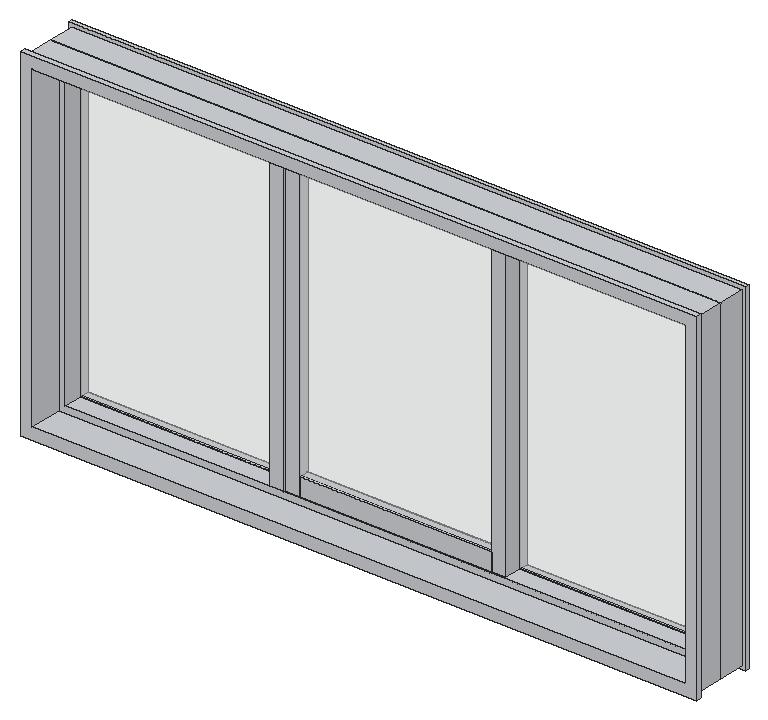
Revit family "APL Residential Thermal Heart Sliding Window FSF", category Windows, host Wall, Revit 2017 (continued)
Definition of nested family "APL Residential Thermal Heart Sliding Window FSF Horizontal Section"
  Definition of nested family "Interlocker"
    Definition of nested family "65500_Interlocker Stile"
      Lines and regions (mm)
        model lines, in view "Ref. Level"
          curve 199: line (-48.615, 42.2, 0) -> (-33.498, 42.2, 0)
          curve 200: line (-32.998, 41.7, 0) -> (-32.998, 35.05, 0)
          curve 201: line (-32.798, 34.85, 0) -> (-26.398, 34.85, 0)
          curve 202: line (-26.198, 34.65, 0) -> (-26.198, 29.353, 0)
          curve 203: line (-26.398, 29.15, 0) -> (-32.798, 29.15, 0)
          curve 204: line (-32.998, 28.95, 0) -> (-32.998, 26.333, 0)
          curve 205: line (-33.266, 25.563, 0) -> (-33.78, 24.153, 0)
          curve 206: line (-33.472, 23.751, 0) -> (-31.106, 23.958, 0)
          curve 207: line (-30.92, 24.045, 0) -> (-30.556, 24.409, 0)
          curve 208: line (-30.646, 24.743, 0) -> (-30.813, 24.788, 0)
          curve 209: line (-30.813, 24.788, 0) -> (-31.487, 26.918, 0)
          curve 210: line (-31.487, 26.918, 0) -> (-31.498, 27.15, 0)
          curve 211: line (-30.75, 27.25, 0) -> (-27.523, 27.25, 0)
          curve 212: line (-27.523, 27.25, 0) -> (-26.748, 27.444, 0)
          curve 213: line (-26.498, 27.25, 0) -> (-26.498, 26.729, 0)
          curve 214: line (-26.498, 26.729, 0) -> (-27.307, 25.319, 0)
          curve 215: line (-27.448, 24.75, 0) -> (-25.098, 24.75, 0)
          curve 216: line (-24.598, 25.25, 0) -> (-24.598, 36.25, 0)
          curve 217: line (-24.798, 36.45, 0) -> (-31.197, 36.45, 0)
          curve 218: arc (-31.197, 36.45, 0) -> (-31.339, 36.508, 0) -> (-31.398, 36.65, 0) r 0.2
          curve 219: arc (-27.398, 12.45, 0) -> (-27.115, 12.567, 0) -> (-26.998, 12.85, 0) r 0.4
          curve 220: arc (-26.998, 13.143, 0) -> (-27.011, 13.246, 0) -> (-27.052, 13.343, 0) r 0.4
          curve 221: arc (-27.936, 14.871, 0) -> (-28.057, 15.161, 0) -> (-28.098, 15.472, 0) r 1.2
          curve 222: arc (-28.098, 16.395, 0) -> (-28.279, 16.968, 0) -> (-28.756, 17.334, 0) r 1
          curve 223: arc (-30.935, 18.127, 0) -> (-31.125, 18.274, 0) -> (-31.198, 18.503, 0) r 0.4
          curve 224: arc (-31.198, 21.197, 0) -> (-31.125, 21.426, 0) -> (-30.935, 21.573, 0) r 0.4
          curve 225: arc (-28.756, 22.366, 0) -> (-28.279, 22.732, 0) -> (-28.098, 23.305, 0) r 1
          curve 226: arc (-28.098, 24.228, 0) -> (-28.057, 24.539, 0) -> (-27.936, 24.829, 0) r 1.2
          curve 227: arc (-27.052, 26.357, 0) -> (-27.011, 26.454, 0) -> (-26.998, 26.557, 0) r 0.4
          curve 228: arc (-26.998, 26.85, 0) -> (-27.115, 27.133, 0) -> (-27.398, 27.25, 0) r 0.4
          curve 229: arc (-30.798, 27.25, 0) -> (-31.081, 27.133, 0) -> (-31.198, 26.85, 0) r 0.4
          curve 230: arc (-31.198, 26.557, 0) -> (-31.184, 26.454, 0) -> (-31.144, 26.357, 0) r 0.4
          curve 231: arc (-30.259, 24.829, 0) -> (-30.138, 24.535, 0) -> (-30.098, 24.22, 0) r 1.2
          curve 232: arc (-30.098, 24.22, 0) -> (-30.151, 24.045, 0) -> (-30.295, 23.934, 0) r 0.3
          curve 233: arc (-32.735, 23.046, 0) -> (-32.925, 22.899, 0) -> (-32.998, 22.67, 0) r 0.4
          curve 234: arc (-32.998, 17.03, 0) -> (-32.925, 16.801, 0) -> (-32.735, 16.654, 0) r 0.4
          curve 235: arc (-30.295, 15.766, 0) -> (-30.151, 15.655, 0) -> (-30.098, 15.48, 0) r 0.3
          curve 236: arc (-30.098, 15.48, 0) -> (-30.138, 15.165, 0) -> (-30.259, 14.871, 0) r 1.2
          curve 237: arc (-31.144, 13.343, 0) -> (-31.184, 13.246, 0) -> (-31.198, 13.143, 0) r 0.4
          curve 238: arc (-31.198, 12.85, 0) -> (-31.081, 12.567, 0) -> (-30.798, 12.45, 0) r 0.4
          curve 239: line (-26.998, 12.85, 0) -> (-26.998, 13.143, 0)
          curve 240: line (-27.052, 13.343, 0) -> (-27.936, 14.871, 0)
          curve 241: line (-28.098, 15.472, 0) -> (-28.098, 16.395, 0)
          curve 242: line (-28.756, 17.334, 0) -> (-30.935, 18.127, 0)
          curve 243: line (-31.198, 18.503, 0) -> (-31.198, 21.197, 0)
          curve 244: line (-30.935, 21.573, 0) -> (-28.756, 22.366, 0)
          curve 245: line (-28.098, 23.305, 0) -> (-28.098, 24.228, 0)
          curve 246: line (-27.936, 24.829, 0) -> (-27.052, 26.357, 0)
          curve 247: line (-26.998, 26.557, 0) -> (-26.998, 26.85, 0)
          curve 248: line (-27.398, 27.25, 0) -> (-30.798, 27.25, 0)
          curve 249: line (-31.198, 26.85, 0) -> (-31.198, 26.557, 0)
          curve 250: line (-31.144, 26.357, 0) -> (-30.259, 24.829, 0)
          curve 251: line (-30.295, 23.934, 0) -> (-32.735, 23.046, 0)
          curve 252: line (-32.998, 22.67, 0) -> (-32.998, 17.03, 0)
          curve 253: line (-32.735, 16.654, 0) -> (-30.295, 15.766, 0)
          curve 254: line (-30.259, 14.871, 0) -> (-31.144, 13.343, 0)
          curve 255: line (-31.198, 13.143, 0) -> (-31.198, 12.85, 0)
          curve 256: line (-30.798, 12.45, 0) -> (-27.398, 12.45, 0)
          curve 257: arc (-16.7, 4.122, 0) -> (-16.583, 3.839, 0) -> (-16.3, 3.722, 0) r 0.4
          curve 258: arc (-16.007, 3.722, 0) -> (-15.904, 3.736, 0) -> (-15.807, 3.776, 0) r 0.4
          curve 259: arc (-14.279, 4.66, 0) -> (-13.989, 4.781, 0) -> (-13.678, 4.822, 0) r 1.2
          curve 260: arc (-12.755, 4.822, 0) -> (-12.182, 5.003, 0) -> (-11.816, 5.48, 0) r 1
          curve 261: arc (-11.023, 7.659, 0) -> (-10.876, 7.849, 0) -> (-10.647, 7.922, 0) r 0.4
          curve 262: arc (-7.953, 7.922, 0) -> (-7.724, 7.849, 0) -> (-7.577, 7.659, 0) r 0.4
          curve 263: arc (-6.784, 5.48, 0) -> (-6.418, 5.003, 0) -> (-5.845, 4.822, 0) r 1
          curve 264: arc (-4.922, 4.822, 0) -> (-4.611, 4.781, 0) -> (-4.321, 4.66, 0) r 1.2
          curve 265: arc (-2.793, 3.776, 0) -> (-2.696, 3.736, 0) -> (-2.593, 3.722, 0) r 0.4
          curve 266: arc (-2.3, 3.722, 0) -> (-2.017, 3.839, 0) -> (-1.9, 4.122, 0) r 0.4
          curve 267: arc (-1.9, 7.522, 0) -> (-2.017, 7.805, 0) -> (-2.3, 7.922, 0) r 0.4
          curve 268: arc (-2.593, 7.922, 0) -> (-2.696, 7.908, 0) -> (-2.793, 7.868, 0) r 0.4
          curve 269: arc (-4.321, 6.983, 0) -> (-4.615, 6.862, 0) -> (-4.93, 6.822, 0) r 1.2
          curve 270: arc (-4.93, 6.822, 0) -> (-5.105, 6.875, 0) -> (-5.216, 7.019, 0) r 0.3
          curve 271: arc (-6.104, 9.459, 0) -> (-6.251, 9.649, 0) -> (-6.48, 9.722, 0) r 0.4
          curve 272: arc (-12.12, 9.722, 0) -> (-12.349, 9.649, 0) -> (-12.496, 9.459, 0) r 0.4
          curve 273: arc (-13.384, 7.019, 0) -> (-13.495, 6.875, 0) -> (-13.67, 6.822, 0) r 0.3
          curve 274: arc (-13.67, 6.822, 0) -> (-13.985, 6.862, 0) -> (-14.279, 6.983, 0) r 1.2
          curve 275: arc (-15.807, 7.868, 0) -> (-15.904, 7.908, 0) -> (-16.007, 7.922, 0) r 0.4
          curve 276: arc (-16.3, 7.922, 0) -> (-16.583, 7.805, 0) -> (-16.7, 7.522, 0) r 0.4
          curve 277: line (-16.3, 3.722, 0) -> (-16.007, 3.722, 0)
          curve 278: line (-15.807, 3.776, 0) -> (-14.279, 4.66, 0)
          curve 279: line (-13.678, 4.822, 0) -> (-12.755, 4.822, 0)
          curve 280: line (-11.816, 5.48, 0) -> (-11.023, 7.659, 0)
          curve 281: line (-10.647, 7.922, 0) -> (-7.953, 7.922, 0)
          curve 282: line (-7.577, 7.659, 0) -> (-6.784, 5.48, 0)
          curve 283: line (-5.845, 4.822, 0) -> (-4.922, 4.822, 0)
          curve 284: line (-4.321, 4.66, 0) -> (-2.793, 3.776, 0)
          curve 285: line (-2.593, 3.722, 0) -> (-2.3, 3.722, 0)
          curve 286: line (-1.9, 4.122, 0) -> (-1.9, 7.522, 0)
          curve 287: line (-2.3, 7.922, 0) -> (-2.593, 7.922, 0)
          curve 288: line (-2.793, 7.868, 0) -> (-4.321, 6.983, 0)
          curve 289: line (-5.216, 7.019, 0) -> (-6.104, 9.459, 0)
          curve 290: line (-6.48, 9.722, 0) -> (-12.12, 9.722, 0)
          curve 291: line (-12.496, 9.459, 0) -> (-13.384, 7.019, 0)
          curve 292: line (-14.279, 6.983, 0) -> (-15.807, 7.868, 0)
          curve 293: line (-16.007, 7.922, 0) -> (-16.3, 7.922, 0)
          curve 294: line (-16.7, 7.522, 0) -> (-16.7, 4.122, 0)
      Text (mm)
        text "65500" at (-34.845, 58.95, 0), in view "Ref. Level"
    Definition of nested family "65420_Interlocker Mullion"
      Reference planes
        plane 1 "Center (Front/Back)": y = 0
        plane 2: z = 0
        plane 3 "Center (Left/Right)": x = 0
      Lines and regions (mm)
        model lines, in view "Ref. Level"
          curve 1: arc (-24.6, 25.5, 0) -> (-24.746, 25.146, 0) -> (-25.1, 25, 0) r 0.5
          curve 2: arc (-27.45, 25, 0) -> (-27.668, 25.128, 0) -> (-27.663, 25.38, 0) r 0.25
          curve 3: arc (-27.611, 25.466, 0) -> (-27.479, 25.572, 0) -> (-27.309, 25.569, 0) r 0.25
          curve 4: arc (-26.544, 26.823, 0) -> (-26.511, 26.898, 0) -> (-26.5, 26.979, 0) r 0.3
          curve 5: arc (-26.5, 27.5, 0) -> (-26.578, 27.658, 0) -> (-26.75, 27.694, 0) r 0.2
          curve 6: arc (-30.753, 27.5, 0) -> (-30.875, 27.526, 0) -> (-30.976, 27.6, 0) r 0.3
          curve 7: arc (-30.976, 27.6, 0) -> (-31.307, 27.68, 0) -> (-31.5, 27.4, 0) r 0.3
          curve 8: arc (-30.957, 25.179, 0) -> (-30.905, 25.09, 0) -> (-30.816, 25.038, 0) r 0.2
          curve 9: arc (-30.648, 24.993, 0) -> (-30.507, 24.852, 0) -> (-30.559, 24.659, 0) r 0.2
          curve 10: arc (-30.922, 24.295, 0) -> (-31.008, 24.235, 0) -> (-31.108, 24.208, 0) r 0.3
          curve 11: arc (-33.474, 24.001, 0) -> (-33.738, 24.117, 0) -> (-33.782, 24.403, 0) r 0.3
          curve 12: arc (-33.268, 25.813, 0) -> (-33.181, 25.939, 0) -> (-33.043, 26.005, 0) r 0.3
          curve 13: arc (-33.043, 26.005, 0) -> (-32.801, 26.278, 0) -> (-33, 26.583, 0) r 0.3
          curve 14: arc (-33, 44.4, 0) -> (-33.059, 44.541, 0) -> (-33.2, 44.6, 0) r 0.2
          curve 15: arc (-44.5, 43.5, 0) -> (-44.793, 42.793, 0) -> (-45.5, 42.5, 0) r 1
          curve 16: arc (-46.25, 42.5, 0) -> (-46.749, 43, 0) -> (-46.25, 43.5, 0) r 0.5
          curve 17: arc (-50.25, 43.5, 0) -> (-49.749, 43, 0) -> (-50.25, 42.5, 0) r 0.5
          curve 18: arc (-51.8, 42.5, 0) -> (-51.941, 42.559, 0) -> (-52, 42.7, 0) r 0.2
          curve 19: arc (-52, 61.948, 0) -> (-51.854, 62.303, 0) -> (-51.5, 62.45, 0) r 0.5
          curve 20: arc (-49.183, 62.45, 0) -> (-48.878, 62.251, 0) -> (-48.605, 62.493, 0) r 0.3
          curve 21: arc (-48.605, 62.493, 0) -> (-48.539, 62.631, 0) -> (-48.413, 62.718, 0) r 0.3
          curve 22: arc (-47.003, 63.232, 0) -> (-46.717, 63.188, 0) -> (-46.601, 62.924, 0) r 0.3
          curve 23: arc (-46.808, 60.558, 0) -> (-46.835, 60.458, 0) -> (-46.895, 60.372, 0) r 0.3
          curve 24: arc (-47.259, 60.009, 0) -> (-47.452, 59.957, 0) -> (-47.593, 60.098, 0) r 0.2
          curve 25: arc (-47.638, 60.266, 0) -> (-47.69, 60.355, 0) -> (-47.779, 60.407, 0) r 0.2
          curve 26: arc (-50, 60.95, 0) -> (-50.28, 60.757, 0) -> (-50.2, 60.426, 0) r 0.3
          curve 27: arc (-50.2, 60.426, 0) -> (-50.126, 60.325, 0) -> (-50.1, 60.203, 0) r 0.3
          curve 28: arc (-50.294, 56.2, 0) -> (-50.258, 56.028, 0) -> (-50.1, 55.95, 0) r 0.2
          curve 29: arc (-49.579, 55.95, 0) -> (-49.498, 55.961, 0) -> (-49.423, 55.994, 0) r 0.3
          curve 30: arc (-48.169, 56.759, 0) -> (-48.172, 56.929, 0) -> (-48.066, 57.061, 0) r 0.25
          curve 31: arc (-47.98, 57.113, 0) -> (-47.728, 57.118, 0) -> (-47.6, 56.9, 0) r 0.25
          curve 32: arc (-47.6, 54.875, 0) -> (-47.626, 54.778, 0) -> (-47.696, 54.705, 0) r 0.2
          curve 33: arc (-50.261, 53.139, 0) -> (-50.436, 52.957, 0) -> (-50.5, 52.712, 0) r 0.5
          curve 34: arc (-50.5, 47, 0) -> (-50.354, 46.646, 0) -> (-50, 46.5, 0) r 0.5
          curve 35: arc (-45.5, 46.5, 0) -> (-44.986, 46.409, 0) -> (-44.533, 46.147, 0) r 1.5
          curve 36: arc (-33.2, 46.1, 0) -> (-31.998, 45.602, 0) -> (-31.5, 44.4, 0) r 1.7
          curve 37: line (-24.6, 27.5, 0) -> (-24.6, 25.5, 0)
          curve 38: line (-25.1, 25, 0) -> (-27.45, 25, 0)
          curve 39: line (-27.309, 25.569, 0) -> (-26.544, 26.823, 0)
          curve 40: line (-26.544, 26.823, 0) -> (-26.5, 27.5, 0)
          curve 41: line (-26.75, 27.694, 0) -> (-27.5, 27.5, 0)
          curve 42: line (-27.475, 27.506, 0) -> (-30.753, 27.5, 0)
          curve 43: line (-31.5, 27.246, 0) -> (-30.957, 25.179, 0)
          curve 44: line (-30.957, 25.179, 0) -> (-30.648, 24.993, 0)
          curve 45: line (-30.559, 24.659, 0) -> (-30.922, 24.295, 0)
          curve 46: line (-31.108, 24.208, 0) -> (-33.474, 24.001, 0)
          curve 47: line (-33.782, 24.403, 0) -> (-33.268, 25.813, 0)
          curve 48: line (-33, 26.583, 0) -> (-33, 33.5, 0)
          curve 49: line (-33, 33.5, 0) -> (-32.6, 33.9, 0)
          curve 50: line (-32.6, 33.9, 0) -> (-33, 34.3, 0)
          curve 51: line (-33, 34.3, 0) -> (-33, 44.4, 0)
          curve 52: line (-33.2, 44.6, 0) -> (-44.5, 44.6, 0)
          curve 53: line (-44.5, 44.6, 0) -> (-44.5, 43.5, 0)
          curve 54: line (-45.5, 42.5, 0) -> (-46.25, 42.5, 0)
          curve 55: line (-46.25, 43.5, 0) -> (-45.5, 43.5, 0)
          curve 56: line (-45.5, 43.5, 0) -> (-45.5, 45, 0)
          curve 57: line (-45.5, 45, 0) -> (-51, 45, 0)
          curve 58: line (-51, 45, 0) -> (-51, 43.5, 0)
          curve 59: line (-51, 43.5, 0) -> (-50.25, 43.5, 0)
          curve 60: line (-50.25, 42.5, 0) -> (-51.8, 42.5, 0)
          curve 61: line (-52, 42.7, 0) -> (-52, 61.948, 0)
          curve 62: line (-51.5, 62.45, 0) -> (-49.183, 62.45, 0)
          curve 63: line (-48.413, 62.718, 0) -> (-47.003, 63.232, 0)
          curve 64: line (-46.601, 62.924, 0) -> (-46.808, 60.558, 0)
          curve 65: line (-46.895, 60.372, 0) -> (-47.259, 60.009, 0)
          curve 66: line (-47.593, 60.098, 0) -> (-47.638, 60.266, 0)
          curve 67: line (-47.638, 60.266, 0) -> (-49.768, 60.94, 0)
          curve 68: line (-49.768, 60.94, 0) -> (-50, 60.95, 0)
          curve 69: line (-50.1, 60.203, 0) -> (-50.1, 56.975, 0)
          curve 70: line (-50.1, 56.975, 0) -> (-50.294, 56.2, 0)
          curve 71: line (-50.1, 55.95, 0) -> (-49.579, 55.95, 0)
          curve 72: line (-49.579, 55.95, 0) -> (-48.169, 56.759, 0)
          curve 73: line (-47.6, 56.9, 0) -> (-47.6, 54.875, 0)
          curve 74: line (-47.696, 54.705, 0) -> (-50.261, 53.139, 0)
          curve 75: line (-50.5, 52.712, 0) -> (-50.5, 47, 0)
          curve 76: line (-50, 46.5, 0) -> (-45.5, 46.5, 0)
          curve 77: line (-44.405, 46.1, 0) -> (-33.2, 46.1, 0)
          curve 78: line (-31.5, 44.4, 0) -> (-31.5, 37.486, 0)
          curve 79: arc (-31.5, 37.486, 0) -> (-31.229, 37.041, 0) -> (-30.71, 37.078, 0) r 0.5
          curve 80: arc (-30.71, 37.078, 0) -> (-28.151, 37.789, 0) -> (-25.73, 36.695, 0) r 3.9
          curve 81: arc (-25.73, 36.695, 0) -> (-25.713, 35.422, 0) -> (-26.985, 35.405, 0) r 0.9
          curve 82: arc (-26.985, 35.405, 0) -> (-28.45, 36, 0) -> (-29.915, 35.405, 0) r 2.1
          curve 83: arc (-29.915, 35.405, 0) -> (-30.077, 35.28, 0) -> (-30.264, 35.194, 0) r 0.9
          curve 84: arc (-30.264, 35.194, 0) -> (-30.436, 35.097, 0) -> (-30.557, 34.94, 0) r 0.5
          curve 85: arc (-30.557, 34.94, 0) -> (-30.8, 33.9, 0) -> (-30.557, 32.86, 0) r 2.35
          curve 86: arc (-30.557, 32.86, 0) -> (-30.436, 32.703, 0) -> (-30.264, 32.606, 0) r 0.5
          curve 87: arc (-30.264, 32.606, 0) -> (-30.077, 32.52, 0) -> (-29.915, 32.395, 0) r 0.9
          curve 88: arc (-29.915, 32.395, 0) -> (-28.45, 31.8, 0) -> (-26.985, 32.395, 0) r 2.1
          curve 89: arc (-26.985, 32.395, 0) -> (-25.713, 32.378, 0) -> (-25.73, 31.105, 0) r 0.9
          curve 90: arc (-25.73, 31.105, 0) -> (-26.113, 30.778, 0) -> (-26.534, 30.503, 0) r 3.9
          curve 91: arc (-26.534, 30.503, 0) -> (-26.781, 29.979, 0) -> (-26.368, 29.574, 0) r 0.5
          curve 92: arc (-26.368, 29.574, 0) -> (-25.102, 28.862, 0) -> (-24.6, 27.5, 0) r 2.1
          curve 93: arc (-35.3, 56.85, 0) -> (-35.417, 56.567, 0) -> (-35.7, 56.45, 0) r 0.4
          curve 94: arc (-35.993, 56.45, 0) -> (-36.096, 56.464, 0) -> (-36.193, 56.504, 0) r 0.4
          curve 95: arc (-37.721, 57.389, 0) -> (-38.011, 57.509, 0) -> (-38.322, 57.55, 0) r 1.2
          curve 96: arc (-39.245, 57.55, 0) -> (-39.818, 57.731, 0) -> (-40.184, 58.208, 0) r 1
          curve 97: arc (-40.977, 60.387, 0) -> (-41.124, 60.578, 0) -> (-41.353, 60.65, 0) r 0.4
          curve 98: arc (-44.047, 60.65, 0) -> (-44.276, 60.578, 0) -> (-44.423, 60.387, 0) r 0.4
          curve 99: arc (-45.216, 58.208, 0) -> (-45.582, 57.731, 0) -> (-46.155, 57.55, 0) r 1
          curve 100: arc (-47.078, 57.55, 0) -> (-47.389, 57.509, 0) -> (-47.679, 57.389, 0) r 1.2
          curve 101: arc (-49.207, 56.504, 0) -> (-49.304, 56.464, 0) -> (-49.407, 56.45, 0) r 0.4
          curve 102: arc (-49.7, 56.45, 0) -> (-49.983, 56.567, 0) -> (-50.1, 56.85, 0) r 0.4
          curve 103: arc (-50.1, 60.25, 0) -> (-49.983, 60.533, 0) -> (-49.7, 60.65, 0) r 0.4
          curve 104: arc (-49.407, 60.65, 0) -> (-49.304, 60.636, 0) -> (-49.207, 60.596, 0) r 0.4
          curve 105: arc (-47.679, 59.711, 0) -> (-47.385, 59.59, 0) -> (-47.07, 59.55, 0) r 1.2
          curve 106: arc (-47.07, 59.55, 0) -> (-46.895, 59.603, 0) -> (-46.784, 59.747, 0) r 0.3
          curve 107: arc (-45.896, 62.187, 0) -> (-45.749, 62.378, 0) -> (-45.52, 62.45, 0) r 0.4
          curve 108: arc (-39.88, 62.45, 0) -> (-39.651, 62.378, 0) -> (-39.504, 62.187, 0) r 0.4
          curve 109: arc (-38.616, 59.747, 0) -> (-38.505, 59.603, 0) -> (-38.33, 59.55, 0) r 0.3
          curve 110: arc (-38.33, 59.55, 0) -> (-38.015, 59.59, 0) -> (-37.721, 59.711, 0) r 1.2
          curve 111: arc (-36.193, 60.596, 0) -> (-36.096, 60.636, 0) -> (-35.993, 60.65, 0) r 0.4
          curve 112: arc (-35.7, 60.65, 0) -> (-35.417, 60.533, 0) -> (-35.3, 60.25, 0) r 0.4
          curve 113: line (-35.7, 56.45, 0) -> (-35.993, 56.45, 0)
          curve 114: line (-36.193, 56.504, 0) -> (-37.721, 57.389, 0)
          curve 115: line (-38.322, 57.55, 0) -> (-39.245, 57.55, 0)
          curve 116: line (-40.184, 58.208, 0) -> (-40.977, 60.387, 0)
          curve 117: line (-41.353, 60.65, 0) -> (-44.047, 60.65, 0)
          curve 118: line (-44.423, 60.387, 0) -> (-45.216, 58.208, 0)
          curve 119: line (-46.155, 57.55, 0) -> (-47.078, 57.55, 0)
          curve 120: line (-47.679, 57.389, 0) -> (-49.207, 56.504, 0)
          curve 121: line (-49.407, 56.45, 0) -> (-49.7, 56.45, 0)
          curve 122: line (-50.1, 56.85, 0) -> (-50.1, 60.25, 0)
          curve 123: line (-49.7, 60.65, 0) -> (-49.407, 60.65, 0)
          curve 124: line (-49.207, 60.596, 0) -> (-47.679, 59.711, 0)
          curve 125: line (-46.784, 59.747, 0) -> (-45.896, 62.187, 0)
          curve 126: line (-45.52, 62.45, 0) -> (-39.88, 62.45, 0)
          curve 127: line (-39.504, 62.187, 0) -> (-38.616, 59.747, 0)
          curve 128: line (-37.721, 59.711, 0) -> (-36.193, 60.596, 0)
          curve 129: line (-35.993, 60.65, 0) -> (-35.7, 60.65, 0)
          curve 130: line (-35.3, 60.25, 0) -> (-35.3, 56.85, 0)
          curve 131: arc (-27.4, 27.5, 0) -> (-27.117, 27.383, 0) -> (-27, 27.1, 0) r 0.4
          curve 132: arc (-27, 26.807, 0) -> (-27.014, 26.704, 0) -> (-27.054, 26.607, 0) r 0.4
          curve 133: arc (-27.939, 25.079, 0) -> (-28.059, 24.789, 0) -> (-28.1, 24.478, 0) r 1.2
          curve 134: arc (-28.1, 23.555, 0) -> (-28.281, 22.982, 0) -> (-28.758, 22.616, 0) r 1
          curve 135: arc (-30.937, 21.823, 0) -> (-31.128, 21.676, 0) -> (-31.2, 21.447, 0) r 0.4
          curve 136: arc (-31.2, 18.753, 0) -> (-31.128, 18.524, 0) -> (-30.937, 18.377, 0) r 0.4
          curve 137: arc (-28.758, 17.584, 0) -> (-28.281, 17.218, 0) -> (-28.1, 16.645, 0) r 1
          curve 138: arc (-28.1, 15.722, 0) -> (-28.059, 15.411, 0) -> (-27.939, 15.121, 0) r 1.2
          curve 139: arc (-27.054, 13.593, 0) -> (-27.014, 13.496, 0) -> (-27, 13.393, 0) r 0.4
          curve 140: arc (-27, 13.1, 0) -> (-27.117, 12.817, 0) -> (-27.4, 12.7, 0) r 0.4
          curve 141: arc (-30.8, 12.7, 0) -> (-31.083, 12.817, 0) -> (-31.2, 13.1, 0) r 0.4
          curve 142: arc (-31.2, 13.393, 0) -> (-31.186, 13.496, 0) -> (-31.146, 13.593, 0) r 0.4
          curve 143: arc (-30.261, 15.121, 0) -> (-30.14, 15.415, 0) -> (-30.1, 15.73, 0) r 1.2
          curve 144: arc (-30.1, 15.73, 0) -> (-30.153, 15.905, 0) -> (-30.297, 16.016, 0) r 0.3
          curve 145: arc (-32.737, 16.904, 0) -> (-32.928, 17.051, 0) -> (-33, 17.28, 0) r 0.4
          curve 146: arc (-33, 22.92, 0) -> (-32.928, 23.149, 0) -> (-32.737, 23.296, 0) r 0.4
          curve 147: arc (-30.297, 24.184, 0) -> (-30.153, 24.295, 0) -> (-30.1, 24.47, 0) r 0.3
          curve 148: arc (-30.1, 24.47, 0) -> (-30.14, 24.785, 0) -> (-30.261, 25.079, 0) r 1.2
          curve 149: arc (-31.146, 26.607, 0) -> (-31.186, 26.704, 0) -> (-31.2, 26.807, 0) r 0.4
          curve 150: arc (-31.2, 27.1, 0) -> (-31.083, 27.383, 0) -> (-30.8, 27.5, 0) r 0.4
          curve 151: line (-27, 27.1, 0) -> (-27, 26.807, 0)
          curve 152: line (-27.054, 26.607, 0) -> (-27.939, 25.079, 0)
          curve 153: line (-28.1, 24.478, 0) -> (-28.1, 23.555, 0)
          curve 154: line (-28.758, 22.616, 0) -> (-30.937, 21.823, 0)
          curve 155: line (-31.2, 21.447, 0) -> (-31.2, 18.753, 0)
          curve 156: line (-30.937, 18.377, 0) -> (-28.758, 17.584, 0)
          curve 157: line (-28.1, 16.645, 0) -> (-28.1, 15.722, 0)
          curve 158: line (-27.939, 15.121, 0) -> (-27.054, 13.593, 0)
          curve 159: line (-27, 13.393, 0) -> (-27, 13.1, 0)
          curve 160: line (-27.4, 12.7, 0) -> (-30.8, 12.7, 0)
          curve 161: line (-31.2, 13.1, 0) -> (-31.2, 13.393, 0)
          curve 162: line (-31.146, 13.593, 0) -> (-30.261, 15.121, 0)
          curve 163: line (-30.297, 16.016, 0) -> (-32.737, 16.904, 0)
          curve 164: line (-33, 17.28, 0) -> (-33, 22.92, 0)
          curve 165: line (-32.737, 23.296, 0) -> (-30.297, 24.184, 0)
          curve 166: line (-30.261, 25.079, 0) -> (-31.146, 26.607, 0)
          curve 167: line (-31.2, 26.807, 0) -> (-31.2, 27.1, 0)
          curve 168: line (-30.8, 27.5, 0) -> (-27.4, 27.5, 0)
          curve 169: arc (-21.001, 10.8, 0) -> (-21.707, 10.507, 0) -> (-22, 9.8, 0) r 1
          curve 170: arc (-22, 3.501, 0) -> (-21.707, 2.793, 0) -> (-21, 2.5, 0) r 1
          curve 171: arc (-2.8, 2.5, 0) -> (-2.093, 2.793, 0) -> (-1.8, 3.5, 0) r 1
          curve 172: arc (-1.8, 9.8, 0) -> (-2.093, 10.507, 0) -> (-2.8, 10.8, 0) r 1
          curve 173: arc (-2.656, 30.548, 0) -> (-2.153, 30.553, 0) -> (-1.9, 30.119, 0) r 0.5
          curve 174: arc (-1.9, 13.7, 0) -> (-2.193, 12.993, 0) -> (-2.9, 12.7, 0) r 1
          curve 175: arc (-24.1, 12.7, 0) -> (-24.454, 12.846, 0) -> (-24.6, 13.2, 0) r 0.5
          curve 176: arc (-24.6, 14.698, 0) -> (-24.746, 15.053, 0) -> (-25.1, 15.2, 0) r 0.5
          curve 177: arc (-27.449, 15.2, 0) -> (-27.668, 15.073, 0) -> (-27.663, 14.82, 0) r 0.25
          curve 178: arc (-27.611, 14.734, 0) -> (-27.479, 14.628, 0) -> (-27.309, 14.631, 0) r 0.25
          curve 179: arc (-26.544, 13.377, 0) -> (-26.511, 13.302, 0) -> (-26.5, 13.221, 0) r 0.3
          curve 180: arc (-26.5, 12.7, 0) -> (-26.578, 12.542, 0) -> (-26.75, 12.506, 0) r 0.2
          curve 181: arc (-30.753, 12.7, 0) -> (-30.875, 12.674, 0) -> (-30.976, 12.6, 0) r 0.3
          curve 182: arc (-30.976, 12.6, 0) -> (-31.307, 12.52, 0) -> (-31.5, 12.8, 0) r 0.3
          curve 183: arc (-30.957, 15.021, 0) -> (-30.905, 15.11, 0) -> (-30.816, 15.162, 0) r 0.2
          curve 184: arc (-30.648, 15.207, 0) -> (-30.507, 15.348, 0) -> (-30.559, 15.541, 0) r 0.2
          curve 185: arc (-30.922, 15.905, 0) -> (-31.008, 15.965, 0) -> (-31.108, 15.992, 0) r 0.3
          curve 186: arc (-33.474, 16.199, 0) -> (-33.738, 16.083, 0) -> (-33.782, 15.797, 0) r 0.3
          curve 187: arc (-33.268, 14.387, 0) -> (-33.181, 14.261, 0) -> (-33.043, 14.195, 0) r 0.3
          curve 188: arc (-33.043, 14.195, 0) -> (-32.801, 13.922, 0) -> (-33, 13.617, 0) r 0.3
          curve 189: arc (-33, 9.5, 0) -> (-32.941, 9.359, 0) -> (-32.8, 9.3, 0) r 0.2
          curve 190: arc (-32.5, 9.3, 0) -> (-32.2, 9.38, 0) -> (-31.98, 9.6, 0) r 0.6
          curve 191: arc (-31.345, 10.7, 0) -> (-31.272, 10.773, 0) -> (-31.172, 10.8, 0) r 0.2
          curve 192: arc (-25, 10.8, 0) -> (-24.293, 10.507, 0) -> (-24, 9.8, 0) r 1
          curve 193: arc (-24, 2.463, 0) -> (-24.286, 1.763, 0) -> (-24.98, 1.463, 0) r 1
          curve 194: arc (-31.935, 1.322, 0) -> (-32.052, 1.357, 0) -> (-32.127, 1.453, 0) r 0.2
          curve 195: arc (-32.127, 1.453, 0) -> (-32.234, 1.621, 0) -> (-32.403, 1.725, 0) r 0.45
          curve 196: arc (-32.403, 1.725, 0) -> (-32.522, 1.729, 0) -> (-32.621, 1.665, 0) r 0.2
          curve 197: arc (-33, 0.2, 0) -> (-32.941, 0.059, 0) -> (-32.8, 0, 0) r 0.2
          curve 198: arc (-0.5, 0, 0) -> (-0.146, 0.146, 0) -> (0, 0.5, 0) r 0.5
          curve 199: arc (0, 70.3, 0) -> (-0.059, 70.441, 0) -> (-0.2, 70.5, 0) r 0.2
          curve 200: arc (-0.8, 70.5, 0) -> (-0.941, 70.441, 0) -> (-1, 70.3, 0) r 0.2
          curve 201: arc (-1, 69.7, 0) -> (-1.059, 69.559, 0) -> (-1.2, 69.5, 0) r 0.2
          curve 202: arc (-8.75, 69.5, 0) -> (-9.25, 69, 0) -> (-8.75, 68.5, 0) r 0.5
          curve 203: arc (-7.85, 68.5, 0) -> (-7.709, 68.441, 0) -> (-7.65, 68.3, 0) r 0.2
          curve 204: arc (-7.65, 67.2, 0) -> (-7.709, 67.059, 0) -> (-7.85, 67, 0) r 0.2
          curve 205: arc (-15.15, 67, 0) -> (-15.291, 67.059, 0) -> (-15.35, 67.2, 0) r 0.2
          curve 206: arc (-15.35, 68.3, 0) -> (-15.291, 68.441, 0) -> (-15.15, 68.5, 0) r 0.2
          curve 207: arc (-14.25, 68.5, 0) -> (-13.75, 69, 0) -> (-14.25, 69.5, 0) r 0.5
          curve 208: arc (-14.85, 69.5, 0) -> (-15.204, 69.646, 0) -> (-15.35, 70, 0) r 0.5
          curve 209: arc (-15.35, 70, 0) -> (-15.496, 70.354, 0) -> (-15.85, 70.5, 0) r 0.5
          curve 210: arc (-30.65, 70.5, 0) -> (-31.399, 69.779, 0) -> (-30.709, 69.002, 0) r 0.75
          curve 211: arc (-20.534, 68.077, 0) -> (-20.403, 68.013, 0) -> (-20.35, 67.877, 0) r 0.2
          curve 212: arc (-20.35, 67.25, 0) -> (-19.85, 66.75, 0) -> (-19.35, 67.25, 0) r 0.5
          curve 213: arc (-19.35, 67.8, 0) -> (-19.291, 67.941, 0) -> (-19.15, 68, 0) r 0.2
          curve 214: arc (-18.05, 68, 0) -> (-17.909, 67.941, 0) -> (-17.85, 67.8, 0) r 0.2
          curve 215: arc (-17.85, 62.7, 0) -> (-17.909, 62.559, 0) -> (-18.05, 62.5, 0) r 0.2
          curve 216: arc (-19.15, 62.5, 0) -> (-19.291, 62.559, 0) -> (-19.35, 62.7, 0) r 0.2
          curve 217: arc (-19.35, 63.25, 0) -> (-19.85, 63.75, 0) -> (-20.35, 63.25, 0) r 0.5
          curve 218: arc (-20.35, 62.65, 0) -> (-20.409, 62.509, 0) -> (-20.55, 62.45, 0) r 0.2
          curve 219: arc (-36.217, 62.45, 0) -> (-36.522, 62.251, 0) -> (-36.795, 62.493, 0) r 0.3
          curve 220: arc (-36.795, 62.493, 0) -> (-36.861, 62.631, 0) -> (-36.987, 62.718, 0) r 0.3
          curve 221: arc (-38.397, 63.232, 0) -> (-38.683, 63.188, 0) -> (-38.799, 62.924, 0) r 0.3
          curve 222: arc (-38.592, 60.558, 0) -> (-38.565, 60.458, 0) -> (-38.505, 60.372, 0) r 0.3
          curve 223: arc (-38.141, 60.009, 0) -> (-37.948, 59.957, 0) -> (-37.807, 60.098, 0) r 0.2
          curve 224: arc (-37.762, 60.266, 0) -> (-37.71, 60.355, 0) -> (-37.621, 60.407, 0) r 0.2
          curve 225: arc (-35.4, 60.95, 0) -> (-35.12, 60.757, 0) -> (-35.2, 60.426, 0) r 0.3
          curve 226: arc (-35.2, 60.426, 0) -> (-35.274, 60.325, 0) -> (-35.3, 60.203, 0) r 0.3
          curve 227: arc (-35.106, 56.2, 0) -> (-35.142, 56.028, 0) -> (-35.3, 55.95, 0) r 0.2
          curve 228: arc (-35.821, 55.95, 0) -> (-35.902, 55.961, 0) -> (-35.977, 55.994, 0) r 0.3
          curve 229: arc (-37.231, 56.759, 0) -> (-37.228, 56.929, 0) -> (-37.334, 57.061, 0) r 0.25
          curve 230: arc (-37.42, 57.113, 0) -> (-37.672, 57.118, 0) -> (-37.8, 56.9, 0) r 0.25
          curve 231: arc (-37.8, 54.875, 0) -> (-37.774, 54.778, 0) -> (-37.704, 54.705, 0) r 0.2
          curve 232: arc (-36.751, 54.123, 0) -> (-36.626, 54.069, 0) -> (-36.491, 54.05, 0) r 0.5
          curve 233: arc (-33.9, 54.05, 0) -> (-33.546, 54.196, 0) -> (-33.4, 54.55, 0) r 0.5
          curve 234: arc (-33.4, 59.15, 0) -> (-33.254, 59.504, 0) -> (-32.9, 59.65, 0) r 0.5
          curve 235: arc (-17.952, 59.65, 0) -> (-16.112, 60.411, 0) -> (-15.35, 62.25, 0) r 2.6
          curve 236: arc (-15.35, 64, 0) -> (-15.291, 64.141, 0) -> (-15.15, 64.2, 0) r 0.2
          curve 237: arc (-7.85, 64.2, 0) -> (-6.162, 64.792, 0) -> (-5.215, 66.309, 0) r 2.7
          curve 238: arc (-5.215, 66.309, 0) -> (-5.04, 66.59, 0) -> (-4.727, 66.7, 0) r 0.5
          curve 239: arc (-2.4, 66.7, 0) -> (-2.046, 66.554, 0) -> (-1.9, 66.2, 0) r 0.5
          curve 240: line (-22, 9.8, 0) -> (-22, 3.501, 0)
          curve 241: line (-21, 2.5, 0) -> (-2.8, 2.5, 0)
          curve 242: line (-1.8, 3.5, 0) -> (-1.8, 9.8, 0)
          curve 243: line (-2.8, 10.8, 0) -> (-21.001, 10.8, 0)
          curve 244: line (-1.9, 30.119, 0) -> (-1.9, 13.7, 0)
          curve 245: line (-2.9, 12.7, 0) -> (-24.1, 12.7, 0)
          curve 246: line (-24.6, 13.2, 0) -> (-24.6, 14.698, 0)
          curve 247: line (-25.1, 15.2, 0) -> (-27.449, 15.2, 0)
          curve 248: line (-27.309, 14.631, 0) -> (-26.544, 13.377, 0)
          curve 249: line (-26.544, 13.377, 0) -> (-26.5, 12.7, 0)
          curve 250: line (-26.75, 12.506, 0) -> (-27.475, 12.694, 0)
          curve 251: line (-27.475, 12.694, 0) -> (-30.753, 12.7, 0)
          curve 252: line (-31.5, 12.954, 0) -> (-30.957, 15.021, 0)
          curve 253: line (-30.957, 15.021, 0) -> (-30.648, 15.207, 0)
          curve 254: line (-30.559, 15.541, 0) -> (-30.922, 15.905, 0)
          curve 255: line (-31.108, 15.992, 0) -> (-33.474, 16.199, 0)
          curve 256: line (-33.782, 15.797, 0) -> (-33.268, 14.387, 0)
          curve 257: line (-33, 13.617, 0) -> (-33, 9.5, 0)
          curve 258: line (-32.8, 9.3, 0) -> (-32.5, 9.3, 0)
          curve 259: line (-31.98, 9.6, 0) -> (-31.345, 10.7, 0)
          curve 260: line (-31.172, 10.8, 0) -> (-25, 10.8, 0)
          curve 261: line (-24, 9.8, 0) -> (-24, 2.463, 0)
          curve 262: line (-24.98, 1.463, 0) -> (-31.935, 1.322, 0)
          curve 263: line (-32.621, 1.665, 0) -> (-32.953, 1.269, 0)
          curve 264: line (-32.953, 1.269, 0) -> (-33, 0.2, 0)
          curve 265: line (-32.8, 0, 0) -> (-0.5, 0, 0)
          curve 266: line (0, 0.5, 0) -> (0, 70.3, 0)
          curve 267: line (-0.2, 70.5, 0) -> (-0.8, 70.5, 0)
          curve 268: line (-1, 70.3, 0) -> (-1, 69.7, 0)
          curve 269: line (-1.2, 69.5, 0) -> (-8.75, 69.5, 0)
          curve 270: line (-8.75, 68.5, 0) -> (-7.85, 68.5, 0)
          curve 271: line (-7.65, 68.3, 0) -> (-7.65, 67.2, 0)
          curve 272: line (-7.85, 67, 0) -> (-15.15, 67, 0)
          curve 273: line (-15.35, 67.2, 0) -> (-15.35, 68.3, 0)
          curve 274: line (-15.15, 68.5, 0) -> (-14.25, 68.5, 0)
          curve 275: line (-14.25, 69.5, 0) -> (-14.85, 69.5, 0)
          curve 276: line (-15.85, 70.5, 0) -> (-30.65, 70.5, 0)
          curve 277: line (-30.709, 69.002, 0) -> (-20.534, 68.077, 0)
          curve 278: line (-20.35, 67.877, 0) -> (-20.35, 67.25, 0)
          curve 279: line (-19.35, 67.25, 0) -> (-19.35, 67.8, 0)
          curve 280: line (-19.15, 68, 0) -> (-18.05, 68, 0)
          curve 281: line (-17.85, 67.8, 0) -> (-17.85, 62.7, 0)
          curve 282: line (-18.05, 62.5, 0) -> (-19.15, 62.5, 0)
          curve 283: line (-19.35, 62.7, 0) -> (-19.35, 63.25, 0)
          curve 284: line (-20.35, 63.25, 0) -> (-20.35, 62.65, 0)
          curve 285: line (-20.55, 62.45, 0) -> (-36.217, 62.45, 0)
          curve 286: line (-36.987, 62.718, 0) -> (-38.397, 63.232, 0)
          curve 287: line (-38.799, 62.924, 0) -> (-38.592, 60.558, 0)
          curve 288: line (-38.505, 60.372, 0) -> (-38.141, 60.009, 0)
          curve 289: line (-37.807, 60.098, 0) -> (-37.762, 60.266, 0)
          curve 290: line (-37.762, 60.266, 0) -> (-35.632, 60.94, 0)
          curve 291: line (-35.632, 60.94, 0) -> (-35.4, 60.95, 0)
          curve 292: line (-35.3, 60.203, 0) -> (-35.3, 56.975, 0)
          curve 293: line (-35.3, 56.975, 0) -> (-35.106, 56.2, 0)
          curve 294: line (-35.3, 55.95, 0) -> (-35.821, 55.95, 0)
          curve 295: line (-35.821, 55.95, 0) -> (-37.231, 56.759, 0)
          curve 296: line (-37.8, 56.9, 0) -> (-37.8, 54.875, 0)
          curve 297: line (-37.704, 54.705, 0) -> (-36.751, 54.123, 0)
          curve 298: line (-36.491, 54.05, 0) -> (-33.9, 54.05, 0)
          curve 299: line (-33.4, 54.55, 0) -> (-33.4, 59.15, 0)
          curve 300: line (-32.9, 59.65, 0) -> (-17.952, 59.65, 0)
          curve 301: line (-15.35, 62.25, 0) -> (-15.35, 64, 0)
          curve 302: line (-15.15, 64.2, 0) -> (-7.85, 64.2, 0)
          curve 303: line (-4.727, 66.7, 0) -> (-2.4, 66.7, 0)
          curve 304: line (-1.9, 66.2, 0) -> (-1.9, 37.681, 0)
          curve 305: arc (-1.9, 37.681, 0) -> (-2.153, 37.247, 0) -> (-2.656, 37.252, 0) r 0.5
          curve 306: arc (-2.656, 37.252, 0) -> (-5.107, 37.773, 0) -> (-7.37, 36.695, 0) r 3.9
          curve 307: arc (-7.37, 36.695, 0) -> (-7.387, 35.422, 0) -> (-6.115, 35.405, 0) r 0.9
          curve 308: arc (-6.115, 35.405, 0) -> (-4.65, 36, 0) -> (-3.185, 35.405, 0) r 2.1
          curve 309: arc (-3.185, 35.405, 0) -> (-3.023, 35.28, 0) -> (-2.836, 35.194, 0) r 0.9
          curve 310: arc (-2.836, 35.194, 0) -> (-2.664, 35.097, 0) -> (-2.543, 34.94, 0) r 0.5
          curve 311: arc (-2.543, 34.94, 0) -> (-2.3, 33.9, 0) -> (-2.543, 32.86, 0) r 2.35
          curve 312: arc (-2.543, 32.86, 0) -> (-2.664, 32.703, 0) -> (-2.836, 32.606, 0) r 0.5
          curve 313: arc (-2.836, 32.606, 0) -> (-3.023, 32.52, 0) -> (-3.185, 32.395, 0) r 0.9
          curve 314: arc (-3.185, 32.395, 0) -> (-4.65, 31.8, 0) -> (-6.115, 32.395, 0) r 2.1
          curve 315: arc (-6.115, 32.395, 0) -> (-7.387, 32.378, 0) -> (-7.37, 31.105, 0) r 0.9
          curve 316: arc (-7.37, 31.105, 0) -> (-5.107, 30.027, 0) -> (-2.656, 30.548, 0) r 3.9
      Text (mm)
        text "65420" at (-82.532, 21.092, 0), in view "Ref. Level"
  Definition of nested family "Jamb Fixed"
    Reference planes
      plane 1 "Center (Front/Back)": y = 0
      plane 2: z = 0
      plane 3 "Center (Left/Right)": x = 0
    Lines and regions (mm)
      detail lines, in view "Ref. Level"
        curve 1: arc (34.145, 40.782, 0) -> (34.004, 40.472, 0) -> (34.304, 40.309, 0) r 0.25
        curve 2: arc (44.192, 40.336, 0) -> (44.491, 40.498, 0) -> (44.351, 40.808, 0) r 0.25
        curve 3: line (34.304, 40.309, 0) -> (38.171, 41.303, 0)
        curve 4: line (38.171, 41.303, 0) -> (38.75, 40.3, 0)
        curve 5: line (38.75, 40.3, 0) -> (39.75, 40.3, 0)
        curve 6: line (39.75, 40.3, 0) -> (40.342, 41.325, 0)
        curve 7: line (40.342, 41.325, 0) -> (44.192, 40.336, 0)
        curve 8: line (44.351, 40.808, 0) -> (40.25, 42.532, 0)
        curve 9: line (40.25, 42.532, 0) -> (40.25, 43.8, 0)
        curve 10: line (40.25, 43.8, 0) -> (41.5, 43.8, 0)
        curve 11: line (41.5, 43.8, 0) -> (41.5, 44.8, 0)
        curve 12: line (41.5, 44.8, 0) -> (37, 44.8, 0)
        curve 13: line (37, 44.8, 0) -> (37, 43.8, 0)
        curve 14: line (37, 43.8, 0) -> (38.25, 43.8, 0)
        curve 15: line (38.25, 43.8, 0) -> (38.25, 42.508, 0)
        curve 16: line (38.25, 42.508, 0) -> (34.145, 40.782, 0)
      detail lines, in view "Ref. Level", not visible
        curve 17: arc (33.161, -9.933, 0) -> (32.851, -9.793, 0) -> (32.689, -10.092, 0) r 0.25
        curve 18: arc (32.715, -19.98, 0) -> (32.877, -20.279, 0) -> (33.188, -20.139, 0) r 0.25
        curve 19: line (32.689, -10.092, 0) -> (33.683, -13.959, 0)
        curve 20: line (33.683, -13.959, 0) -> (32.679, -14.539, 0)
        curve 21: line (32.679, -14.539, 0) -> (32.679, -15.539, 0)
        curve 22: line (32.679, -15.539, 0) -> (33.705, -16.131, 0)
        curve 23: line (33.705, -16.131, 0) -> (32.715, -19.98, 0)
        curve 24: line (33.188, -20.139, 0) -> (34.912, -16.039, 0)
        curve 25: line (34.912, -16.039, 0) -> (36.179, -16.039, 0)
        curve 26: line (36.179, -16.039, 0) -> (36.179, -17.289, 0)
        curve 27: line (36.179, -17.289, 0) -> (37.179, -17.289, 0)
        curve 28: line (37.179, -17.289, 0) -> (37.179, -12.789, 0)
        curve 29: line (37.179, -12.789, 0) -> (36.179, -12.789, 0)
        curve 30: line (36.179, -12.789, 0) -> (36.179, -14.039, 0)
        curve 31: line (36.179, -14.039, 0) -> (34.887, -14.039, 0)
        curve 32: line (34.887, -14.039, 0) -> (33.161, -9.933, 0)
    Nested families
      nested 1: "65400_Jamb Fixed" at (43, 0, 0) x (0, 1, 0) z (0, 0, 1), type "65400_Jamb Fixed", in view "Ref. Level"
      nested 2: "65585_Infill" at (43, 110.375, 0) x (0, -1, 0) z (0, 0, 1), type "65585_Infill", in view "Ref. Level"
    Definition of nested family "65400_Jamb Fixed"
      Reference planes
        plane 1 "Center (Front/Back)": y = 0
        plane 2: z = 0
        plane 3 "Center (Left/Right)": x = 0
      Lines and regions (mm)
        detail lines, in view "Ref. Level"
          curve 1: arc (46.1, 18.8, 0) -> (45.602, 20.002, 0) -> (44.4, 20.5, 0) r 1.7
          curve 2: arc (29.9, 20.5, 0) -> (29.546, 20.646, 0) -> (29.4, 21, 0) r 0.5
          curve 3: arc (29.4, 34.099, 0) -> (29.546, 34.453, 0) -> (29.9, 34.6, 0) r 0.5
          curve 4: arc (36.605, 34.6, 0) -> (37.013, 34.521, 0) -> (37.363, 34.296, 0) r 1.1
          curve 5: arc (37.363, 34.296, 0) -> (38.199, 33.684, 0) -> (39.189, 33.379, 0) r 3.126
          curve 6: arc (62.286, 32.2, 0) -> (62.738, 31.881, 0) -> (63.285, 31.958, 0) r 0.75
          curve 7: arc (63.285, 31.958, 0) -> (64.2, 32.2, 0) -> (65.115, 31.958, 0) r 1.85
          curve 8: arc (65.115, 31.958, 0) -> (65.281, 31.888, 0) -> (65.459, 31.86, 0) r 0.75
          curve 9: arc (65.459, 31.86, 0) -> (65.663, 31.808, 0) -> (65.828, 31.676, 0) r 0.5
          curve 10: arc (65.828, 31.676, 0) -> (66.3, 30.35, 0) -> (65.828, 29.024, 0) r 2.1
          curve 11: arc (65.828, 29.024, 0) -> (65.663, 28.892, 0) -> (65.459, 28.84, 0) r 0.5
          curve 12: arc (65.459, 28.84, 0) -> (65.281, 28.812, 0) -> (65.115, 28.742, 0) r 0.75
          curve 13: arc (65.115, 28.742, 0) -> (63.721, 28.563, 0) -> (62.604, 29.415, 0) r 1.85
          curve 14: arc (62.604, 29.415, 0) -> (61.577, 29.683, 0) -> (61.309, 28.657, 0) r 0.75
          curve 15: arc (61.309, 28.657, 0) -> (62.349, 27.558, 0) -> (63.765, 27.028, 0) r 3.35
          curve 16: arc (63.765, 27.028, 0) -> (64.076, 26.862, 0) -> (64.2, 26.533, 0) r 0.5
          curve 17: arc (64.2, 17.483, 0) -> (64.489, 15.565, 0) -> (65.33, 13.818, 0) r 6.5
          curve 18: arc (65.33, 13.818, 0) -> (65.978, 12.474, 0) -> (66.2, 11, 0) r 5
          curve 19: arc (66.2, 1.9, 0) -> (66.054, 1.546, 0) -> (65.7, 1.4, 0) r 0.5
          curve 20: arc (47, 1.4, 0) -> (46.646, 1.546, 0) -> (46.5, 1.9, 0) r 0.5
          curve 21: arc (46.5, 6.5, 0) -> (46.396, 7.048, 0) -> (46.1, 7.52, 0) r 1.5
          curve 22: arc (24.183, 34.774, 0) -> (24.053, 34.838, 0) -> (24, 34.973, 0) r 0.2
          curve 23: arc (24.399, 37.321, 0) -> (24.668, 37.608, 0) -> (25.06, 37.613, 0) r 0.5
          curve 24: arc (25.06, 37.613, 0) -> (25.236, 37.7, 0) -> (25.42, 37.633, 0) r 0.25
          curve 25: arc (25.42, 37.633, 0) -> (25.563, 37.502, 0) -> (25.569, 37.309, 0) r 0.25
          curve 26: arc (26.823, 36.544, 0) -> (26.898, 36.511, 0) -> (26.979, 36.5, 0) r 0.3
          curve 27: arc (27.5, 36.5, 0) -> (27.658, 36.578, 0) -> (27.694, 36.75, 0) r 0.2
          curve 28: arc (27.5, 40.753, 0) -> (27.526, 40.875, 0) -> (27.6, 40.976, 0) r 0.3
          curve 29: arc (27.6, 40.976, 0) -> (27.664, 41.343, 0) -> (27.322, 41.49, 0) r 0.3
          curve 30: arc (25.179, 40.957, 0) -> (25.09, 40.905, 0) -> (25.038, 40.816, 0) r 0.2
          curve 31: arc (24.993, 40.648, 0) -> (24.852, 40.507, 0) -> (24.659, 40.559, 0) r 0.2
          curve 32: arc (24.295, 40.922, 0) -> (24.235, 41.008, 0) -> (24.208, 41.108, 0) r 0.3
          curve 33: arc (24.001, 43.474, 0) -> (24.117, 43.738, 0) -> (24.403, 43.782, 0) r 0.3
          curve 34: arc (25.813, 43.268, 0) -> (25.939, 43.181, 0) -> (26.005, 43.043, 0) r 0.3
          curve 35: arc (26.005, 43.043, 0) -> (26.278, 42.801, 0) -> (26.583, 43, 0) r 0.3
          curve 36: arc (28.9, 43, 0) -> (29.254, 42.854, 0) -> (29.4, 42.5, 0) r 0.5
          curve 37: arc (29.4, 36.9, 0) -> (29.546, 36.546, 0) -> (29.9, 36.4, 0) r 0.499
          curve 38: arc (37.767, 36.4, 0) -> (38.931, 36.165, 0) -> (39.913, 35.497, 0) r 2.996
          curve 39: arc (39.913, 35.497, 0) -> (40.232, 35.27, 0) -> (40.611, 35.169, 0) r 1.1
          curve 40: arc (68.1, 34.1, 0) -> (68.241, 34.159, 0) -> (68.3, 34.3, 0) r 0.2
          curve 41: arc (68.3, 42.5, 0) -> (68.446, 42.854, 0) -> (68.8, 43, 0) r 0.5
          curve 42: arc (71.117, 43, 0) -> (71.422, 42.801, 0) -> (71.695, 43.043, 0) r 0.3
          curve 43: arc (71.695, 43.043, 0) -> (71.761, 43.181, 0) -> (71.887, 43.268, 0) r 0.3
          curve 44: arc (73.297, 43.782, 0) -> (73.583, 43.738, 0) -> (73.699, 43.474, 0) r 0.3
          curve 45: arc (73.492, 41.108, 0) -> (73.465, 41.008, 0) -> (73.405, 40.922, 0) r 0.3
          curve 46: arc (73.041, 40.559, 0) -> (72.848, 40.507, 0) -> (72.707, 40.648, 0) r 0.2
          curve 47: arc (72.662, 40.816, 0) -> (72.61, 40.905, 0) -> (72.521, 40.957, 0) r 0.2
          curve 48: arc (70.378, 41.49, 0) -> (70.036, 41.343, 0) -> (70.1, 40.976, 0) r 0.3
          curve 49: arc (70.1, 40.976, 0) -> (70.174, 40.875, 0) -> (70.2, 40.753, 0) r 0.3
          curve 50: arc (70.006, 36.75, 0) -> (70.042, 36.578, 0) -> (70.2, 36.5, 0) r 0.2
          curve 51: arc (70.721, 36.5, 0) -> (70.802, 36.511, 0) -> (70.877, 36.544, 0) r 0.3
          curve 52: arc (72.131, 37.309, 0) -> (72.137, 37.502, 0) -> (72.28, 37.633, 0) r 0.25
          curve 53: arc (72.28, 37.633, 0) -> (72.55, 37.679, 0) -> (72.7, 37.45, 0) r 0.25
          curve 54: arc (72.7, 35.876, 0) -> (72.618, 35.478, 0) -> (72.385, 35.146, 0) r 1
          curve 55: arc (72.385, 35.146, 0) -> (72.322, 35, 0) -> (72.385, 34.854, 0) r 0.2
          curve 56: arc (72.385, 34.854, 0) -> (72.618, 34.523, 0) -> (72.7, 34.126, 0) r 1
          curve 57: arc (72.7, 32.551, 0) -> (72.573, 32.332, 0) -> (72.32, 32.337, 0) r 0.25
          curve 58: arc (72.234, 32.389, 0) -> (72.128, 32.521, 0) -> (72.131, 32.691, 0) r 0.25
          curve 59: arc (70.877, 33.456, 0) -> (70.802, 33.489, 0) -> (70.721, 33.5, 0) r 0.3
          curve 60: arc (70.2, 33.5, 0) -> (70.042, 33.422, 0) -> (70.006, 33.25, 0) r 0.2
          curve 61: arc (70.2, 29.247, 0) -> (70.174, 29.124, 0) -> (70.1, 29.024, 0) r 0.3
          curve 62: arc (70.1, 29.024, 0) -> (70.02, 28.693, 0) -> (70.3, 28.5, 0) r 0.3
          curve 63: arc (72.521, 29.043, 0) -> (72.61, 29.095, 0) -> (72.662, 29.184, 0) r 0.2
          curve 64: arc (72.707, 29.352, 0) -> (72.848, 29.493, 0) -> (73.041, 29.441, 0) r 0.2
          curve 65: arc (73.405, 29.078, 0) -> (73.465, 28.992, 0) -> (73.492, 28.892, 0) r 0.3
          curve 66: arc (73.699, 26.526, 0) -> (73.583, 26.262, 0) -> (73.297, 26.218, 0) r 0.3
          curve 67: arc (71.887, 26.732, 0) -> (71.761, 26.819, 0) -> (71.695, 26.957, 0) r 0.3
          curve 68: arc (71.695, 26.957, 0) -> (71.422, 27.199, 0) -> (71.117, 27, 0) r 0.3
          curve 69: arc (66.201, 27, 0) -> (65.847, 26.854, 0) -> (65.7, 26.5, 0) r 0.5
          curve 70: arc (65.7, 17.481, 0) -> (65.922, 16.006, 0) -> (66.57, 14.663, 0) r 5
          curve 71: arc (66.57, 14.663, 0) -> (67.411, 12.917, 0) -> (67.7, 11, 0) r 6.5
          curve 72: arc (67.7, 9.9, 0) -> (67.759, 9.759, 0) -> (67.9, 9.7, 0) r 0.2
          curve 73: arc (69.3, 9.7, 0) -> (69.441, 9.759, 0) -> (69.5, 9.9, 0) r 0.2
          curve 74: arc (69.5, 10.2, 0) -> (70, 10.701, 0) -> (70.5, 10.2, 0) r 0.5
          curve 75: arc (70.5, 7.649, 0) -> (69.999, 7.15, 0) -> (69.5, 7.65, 0) r 0.5
          curve 76: arc (69.5, 8.5, 0) -> (69.441, 8.641, 0) -> (69.3, 8.7, 0) r 0.2
          curve 77: arc (67.9, 8.7, 0) -> (67.759, 8.641, 0) -> (67.7, 8.5, 0) r 0.2
          curve 78: arc (67.7, 1.2, 0) -> (67.759, 1.059, 0) -> (67.9, 1, 0) r 0.2
          curve 79: arc (69.3, 1, 0) -> (69.441, 1.059, 0) -> (69.5, 1.2, 0) r 0.2
          curve 80: arc (69.5, 2.05, 0) -> (70, 2.551, 0) -> (70.5, 2.05, 0) r 0.5
          curve 81: arc (70.5, 0.501, 0) -> (70.354, 0.147, 0) -> (70, 0, 0) r 0.5
          curve 82: arc (42.7, 0, 0) -> (42.559, 0.059, 0) -> (42.5, 0.2, 0) r 0.2
          curve 83: arc (42.5, 1.75, 0) -> (43, 2.251, 0) -> (43.5, 1.75, 0) r 0.5
          curve 84: arc (43.5, 1.2, 0) -> (43.559, 1.059, 0) -> (43.7, 1, 0) r 0.2
          curve 85: arc (44.8, 1, 0) -> (44.941, 1.059, 0) -> (45, 1.2, 0) r 0.2
          curve 86: arc (45, 6.3, 0) -> (44.941, 6.441, 0) -> (44.8, 6.5, 0) r 0.2
          curve 87: arc (43.7, 6.5, 0) -> (43.559, 6.441, 0) -> (43.5, 6.3, 0) r 0.2
          curve 88: arc (43.5, 5.75, 0) -> (43, 5.251, 0) -> (42.5, 5.75, 0) r 0.5
          curve 89: arc (42.5, 6.5, 0) -> (42.793, 7.207, 0) -> (43.5, 7.5, 0) r 1
          curve 90: arc (44.395, 7.5, 0) -> (44.539, 7.557, 0) -> (44.6, 7.7, 0) r 0.202
          curve 91: arc (44.6, 18.8, 0) -> (44.538, 18.942, 0) -> (44.395, 19, 0) r 0.205
          curve 92: arc (26.583, 19, 0) -> (26.278, 19.199, 0) -> (26.005, 18.957, 0) r 0.3
          curve 93: arc (26.005, 18.957, 0) -> (25.939, 18.819, 0) -> (25.813, 18.732, 0) r 0.3
          curve 94: arc (24.403, 18.218, 0) -> (24.117, 18.262, 0) -> (24.001, 18.526, 0) r 0.3
          curve 95: arc (24.208, 20.892, 0) -> (24.235, 20.992, 0) -> (24.295, 21.078, 0) r 0.3
          curve 96: arc (24.659, 21.441, 0) -> (24.852, 21.493, 0) -> (24.993, 21.352, 0) r 0.2
          curve 97: arc (25.038, 21.184, 0) -> (25.09, 21.095, 0) -> (25.179, 21.043, 0) r 0.2
          curve 98: arc (27.322, 20.51, 0) -> (27.664, 20.657, 0) -> (27.6, 21.024, 0) r 0.3
          curve 99: arc (27.6, 21.024, 0) -> (27.526, 21.125, 0) -> (27.5, 21.247, 0) r 0.3
          curve 100: arc (27.694, 25.25, 0) -> (27.658, 25.422, 0) -> (27.5, 25.5, 0) r 0.2
          curve 101: arc (26.979, 25.5, 0) -> (26.898, 25.489, 0) -> (26.823, 25.456, 0) r 0.3
          curve 102: arc (25.569, 24.691, 0) -> (25.563, 24.498, 0) -> (25.42, 24.367, 0) r 0.25
          curve 103: arc (25.42, 24.367, 0) -> (25.15, 24.321, 0) -> (25, 24.55, 0) r 0.25
          curve 104: arc (25, 26.126, 0) -> (25.128, 26.615, 0) -> (25.479, 26.979, 0) r 1
          curve 105: line (46.1, 7.52, 0) -> (46.1, 18.8, 0)
          curve 106: line (44.4, 20.5, 0) -> (29.9, 20.5, 0)
          curve 107: line (29.4, 21, 0) -> (29.4, 34.099, 0)
          curve 108: line (29.9, 34.6, 0) -> (36.605, 34.6, 0)
          curve 109: line (39.189, 33.379, 0) -> (53.629, 32.2, 0)
          curve 110: line (53.629, 32.2, 0) -> (62.286, 32.2, 0)
          curve 111: line (64.2, 26.533, 0) -> (64.2, 17.483, 0)
          curve 112: line (66.2, 11, 0) -> (66.2, 1.9, 0)
          curve 113: line (65.7, 1.4, 0) -> (47, 1.4, 0)
          curve 114: line (46.5, 1.9, 0) -> (46.5, 6.5, 0)
          curve 115: line (27.317, 34.499, 0) -> (24.183, 34.774, 0)
          curve 116: line (24, 34.973, 0) -> (24, 36.224, 0)
          curve 117: line (24, 36.224, 0) -> (24.399, 37.321, 0)
          curve 118: line (25.569, 37.309, 0) -> (26.823, 36.544, 0)
          curve 119: line (26.979, 36.5, 0) -> (27.5, 36.5, 0)
          curve 120: line (27.694, 36.75, 0) -> (27.5, 37.5, 0)
          curve 121: line (27.5, 37.525, 0) -> (27.5, 40.753, 0)
          curve 122: line (27.312, 41.528, 0) -> (25.179, 40.957, 0)
          curve 123: line (25.038, 40.816, 0) -> (24.993, 40.648, 0)
          curve 124: line (24.659, 40.559, 0) -> (24.295, 40.922, 0)
          curve 125: line (24.208, 41.108, 0) -> (24.001, 43.474, 0)
          curve 126: line (24.403, 43.782, 0) -> (25.813, 43.268, 0)
          curve 127: line (26.583, 43, 0) -> (28.9, 43, 0)
          curve 128: line (29.4, 42.5, 0) -> (29.4, 36.9, 0)
          curve 129: line (29.9, 36.4, 0) -> (33.5, 36.4, 0)
          curve 130: line (33.5, 36.4, 0) -> (33.9, 36, 0)
          curve 131: line (33.9, 36, 0) -> (34.3, 36.4, 0)
          curve 132: line (34.3, 36.4, 0) -> (37.767, 36.4, 0)
          curve 133: line (40.611, 35.169, 0) -> (53.707, 34.1, 0)
          curve 134: line (53.707, 34.1, 0) -> (58.307, 34.1, 0)
          curve 135: line (58.307, 34.1, 0) -> (58.707, 33.7, 0)
          curve 136: line (58.707, 33.7, 0) -> (59.107, 34.1, 0)
          curve 137: line (59.107, 34.1, 0) -> (68.1, 34.1, 0)
          curve 138: line (68.3, 34.3, 0) -> (68.3, 42.5, 0)
          curve 139: line (68.8, 43, 0) -> (71.117, 43, 0)
          curve 140: line (71.887, 43.268, 0) -> (73.297, 43.782, 0)
          curve 141: line (73.699, 43.474, 0) -> (73.492, 41.108, 0)
          curve 142: line (73.405, 40.922, 0) -> (73.041, 40.559, 0)
          curve 143: line (72.707, 40.648, 0) -> (72.662, 40.816, 0)
          curve 144: line (72.521, 40.957, 0) -> (70.388, 41.528, 0)
          curve 145: line (70.2, 40.753, 0) -> (70.2, 37.525, 0)
          curve 146: line (70.2, 37.5, 0) -> (70.006, 36.75, 0)
          curve 147: line (70.2, 36.5, 0) -> (70.721, 36.5, 0)
          curve 148: line (70.877, 36.544, 0) -> (72.131, 37.309, 0)
          curve 149: line (72.7, 37.45, 0) -> (72.7, 35.876, 0)
          curve 150: line (72.7, 34.126, 0) -> (72.7, 32.551, 0)
          curve 151: line (72.131, 32.691, 0) -> (70.877, 33.456, 0)
          curve 152: line (70.721, 33.5, 0) -> (70.2, 33.5, 0)
          curve 153: line (70.006, 33.25, 0) -> (70.2, 32.5, 0)
          curve 154: line (70.2, 32.475, 0) -> (70.2, 29.247, 0)
          curve 155: line (70.532, 28.51, 0) -> (72.521, 29.043, 0)
          curve 156: line (72.662, 29.184, 0) -> (72.707, 29.352, 0)
          curve 157: line (73.041, 29.441, 0) -> (73.405, 29.078, 0)
          curve 158: line (73.492, 28.892, 0) -> (73.699, 26.526, 0)
          curve 159: line (73.297, 26.218, 0) -> (71.887, 26.732, 0)
          curve 160: line (71.117, 27, 0) -> (66.201, 27, 0)
          curve 161: line (65.7, 26.5, 0) -> (65.7, 17.481, 0)
          curve 162: line (67.7, 11, 0) -> (67.7, 9.9, 0)
          curve 163: line (67.9, 9.7, 0) -> (69.3, 9.7, 0)
          curve 164: line (69.5, 9.9, 0) -> (69.5, 10.2, 0)
          curve 165: line (70.5, 10.2, 0) -> (70.5, 7.649, 0)
          curve 166: line (69.5, 7.65, 0) -> (69.5, 8.5, 0)
          curve 167: line (69.3, 8.7, 0) -> (67.9, 8.7, 0)
          curve 168: line (67.7, 8.5, 0) -> (67.7, 1.2, 0)
          curve 169: line (67.9, 1, 0) -> (69.3, 1, 0)
          curve 170: line (69.5, 1.2, 0) -> (69.5, 2.05, 0)
          curve 171: line (70.5, 2.05, 0) -> (70.5, 0.501, 0)
          curve 172: line (70, 0, 0) -> (42.7, 0, 0)
          curve 173: line (42.5, 0.2, 0) -> (42.5, 1.75, 0)
          curve 174: line (43.5, 1.75, 0) -> (43.5, 1.2, 0)
          curve 175: line (43.7, 1, 0) -> (44.8, 1, 0)
          curve 176: line (45, 1.2, 0) -> (45, 6.3, 0)
          curve 177: line (44.8, 6.5, 0) -> (43.7, 6.5, 0)
          curve 178: line (43.5, 6.3, 0) -> (43.5, 5.75, 0)
